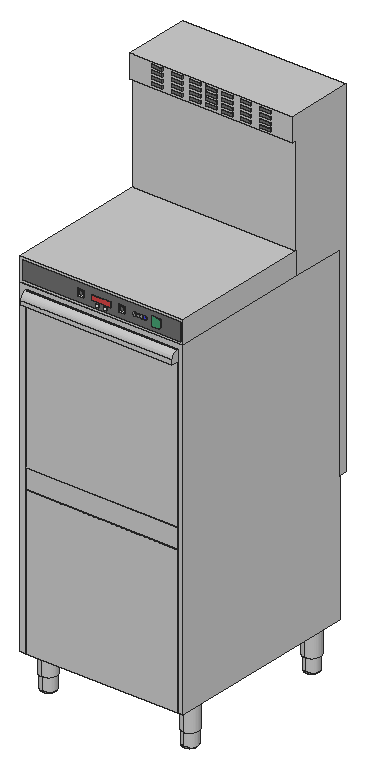
Revit family "QF_COMENDA_601682 AA_601682DDPS AA_CAT", category Attrezzature speciali, Revit 2021
Family settings
  Quota connettore circolare = Usa diametro
  Tipo di parte = Normale
  Numero OmniClass = 23.40.40.14
  Titolo OmniClass = Food Service Equipment
  Basato su piano di lavoro = No
  Sempre verticale = Sì
  Taglio con vuoti quando caricato = No
  Condiviso = No
  Punto di calcolo locali = No
Parameters (values of type "601690DDPS/AA")
  URL catalogo = "https://comenda.eu/wp-content/uploads/2024/02/Scheda-tecnica_PFS90-R_13.04.24_ENG.pdf"
  URL = "www.comenda.eu"
  Tensione = 400 V
  Temperatura raccomandata per acqua calda = 50 °C
  Show Logo [instance] = yes
  Show Clearance [instance] = yes
  Protezione contro le sovracorrenti = 16 A
  Prospetto di default = 0 mm
  Profondità = 742 mm
  Pressione minima acqua calda = 2000.0 Pa
  Potenza elettrica = 7500 W
  Peso netto = 0.00 kg
  Numero dei poli = 3
  Modello = "PFS90 R+ CRC"
  Produttore = "COMENDA"
  Lunghezza = 620 mm
  Frequenza = 50 Hz
  Fase = 3
  Diametro raccordo acqua calda = 0.75197"
  Diametro dello scarico diretto di acqua = 1.37402"
  Descrizione = "MULTIPURPOSE WASHER 500X600 MM RACK SIZE WITH DRAIN PUMP, DETERGENT DOSING PUMP AND CRC"
  Corrente di funzionamento normale = 11.5 A
  Assembly Code = ""
  Altezza dello scarico diretto acqua da pavimento finito = 225 mm
  Altezza da terra raccordo acqua calda = 225 mm
  Altezza allacciamento elettrico da pavimento finito = 360 mm
  Altezza = 1960 mm
Types (3, lengths in mm): name | URL catalogo | Modello | Descrizione
  601690/AA | "" | "PFS90 R CRC" | "MULTIPURPOSE WASHER 500X600 MM RACK SIZE WITH CRC"
  601690DDPS/AA | "https://comenda.eu/wp-content/uploads/2024/02/Scheda-tecnica_PFS90-R_13.04.24_ENG.pdf" | "PFS90 R+ CRC" | "MULTIPURPOSE WASHER 500X600 MM RACK SIZE WITH DRAIN PUMP, DETERGENT DOSING PUMP AND CRC"
  601690DD/AA | "https://comenda.eu/wp-content/uploads/2024/02/Scheda-tecnica_PFS90-R-DD_13.04.24_ENG.pdf" | "PFS90 R DD CRC" | "MULTIPURPOSE WASHER 500X600 MM RACK SIZE WITH DRAIN PUMP, DETERGENT DOSING PUMP AND CRC"
Reference planes
  plane 1 "Back": y = 0
  plane 2: z = 0
  plane 3 "Left": x = 0
  plane 4 "Right": x = 620
  plane 5 "Front": y = -742
  plane 6 "Top": z = 1960
Forms (mm)
  Extrusion 1, solid
    sketch origin (0, 0, 146.56) x (1, 0, 0) y (0, 1, 0)
      loop
        line (5.879, -24.905) -> (5.879, -134.905) -> (75.879, -134.905) -> (75.879, -24.905) -> (5.879, -24.905)
    from 0 to 3.44
  Revolve 2, solid
    sketch origin (40.911, 0, 0) x (0, 1, 0) y (0, 0, 1)
      loop
        line (-47.905, 56.56) -> (-47.905, 146.56) -> (-79.905, 146.56) -> (-79.905, 0) -> (-56.359, 0)
        arc (-56.359, 0) -> (-53.21, 1.305) -> (-51.905, 4.454) r 4.454
        line (-51.905, 4.454) -> (-51.905, 56.56) -> (-47.905, 56.56)
      axis (-79.905, 0) -> (-79.905, 146.56)
    angle from 0 to 360
  Revolve 3, solid
    sketch origin (579.309, 0, 0) x (0, 1, 0) y (0, 0, 1)
      loop
        line (-47.905, 56.56) -> (-47.905, 146.56) -> (-79.905, 146.56) -> (-79.905, 0) -> (-56.359, 0)
        arc (-56.359, 0) -> (-53.21, 1.305) -> (-51.905, 4.454) r 4.454
        line (-51.905, 4.454) -> (-51.905, 56.56) -> (-47.905, 56.56)
      axis (-79.905, 0) -> (-79.905, 146.56)
    angle from 0 to 360
  Revolve 4, solid
    sketch origin (40.911, -578.197, 0) x (0, 1, 0) y (0, 0, 1)
      loop
        line (-47.905, 56.56) -> (-47.905, 146.56) -> (-79.905, 146.56) -> (-79.905, 0) -> (-56.359, 0)
        arc (-56.359, 0) -> (-53.21, 1.305) -> (-51.905, 4.454) r 4.454
        line (-51.905, 4.454) -> (-51.905, 56.56) -> (-47.905, 56.56)
      axis (-79.905, 0) -> (-79.905, 146.56)
    angle from 0 to 360
  Revolve 5, solid
    sketch origin (579.309, -578.197, 0) x (0, 1, 0) y (0, 0, 1)
      loop
        line (-47.905, 56.56) -> (-47.905, 146.56) -> (-79.905, 146.56) -> (-79.905, 0) -> (-56.359, 0)
        arc (-56.359, 0) -> (-53.21, 1.305) -> (-51.905, 4.454) r 4.454
        line (-51.905, 4.454) -> (-51.905, 56.56) -> (-47.905, 56.56)
      axis (-79.905, 0) -> (-79.905, 146.56)
    angle from 0 to 360
  Extrusion 6, solid
    sketch origin (0, 0, 690) x (1, 0, 0) y (0, 1, 0)
      loop
        line (620, 0) -> (0, 0) -> (0, -742) -> (20, -742) -> (20, -717) -> (600, -717) -> (600, -742) -> (620, -742) -> (620, 0)
    from -540 to 699.618
  Extrusion 7, solid
    sketch origin (-15, 71.496, 710) x (1, 0, 0) y (0, 1, 0)
      loop
        line (35, -788.496) -> (35, -813.496) -> (615, -813.496) -> (615, -788.496) -> (35, -788.496)
    from 0 to 70
  Extrusion 8, solid
    sketch origin (-15, 71.496, 892.5) x (1, 0, 0) y (0, 1, 0)
      loop
        line (37.5, -788.496) -> (37.5, -813.496) -> (612.5, -813.496) -> (612.5, -788.496) -> (37.5, -788.496)
    from -110 to 494.618
  Extrusion 9, solid, visible <- "Show Clearance", detail levels coarse
    sketch origin (-15, 67.996, -485) x (0, 1, 0) y (0, 0, 1)
      loop
        arc (-809.996, 1872.118) -> (-1229.634, 1693.399) -> (-1392.871, 1267.5) r 584.134
        line (-1392.871, 1267.5) -> (-809.996, 1267.5) -> (-809.996, 1872.118)
    from 37.5 to 612.5
  Extrusion 10, solid
    sketch origin (620, 0, 146.56) x (-1, 0, 0) y (0, -1, 0)
      loop
        line (5.879, 24.905) -> (75.879, 24.905) -> (75.879, 134.905) -> (5.879, 134.905) -> (5.879, 24.905)
    from 0 to 3.44
  Extrusion 11, solid
    sketch origin (0, -738.007, 146.56) x (1, 0, 0) y (0, 1, 0)
      loop
        line (5.879, 24.905) -> (75.879, 24.905) -> (75.879, 134.905) -> (5.879, 134.905) -> (5.879, 24.905)
    from 0 to 3.44
  Extrusion 12, solid
    sketch origin (620, -738.007, 146.56) x (-1, 0, 0) y (0, -1, 0)
      loop
        line (5.879, -24.905) -> (5.879, -134.905) -> (75.879, -134.905) -> (75.879, -24.905) -> (5.879, -24.905)
    from 0 to 3.44
  Extrusion 13, solid
    sketch origin (0, 71.496, 1297.5) x (1, 0, 0) y (0, 1, 0)
      loop
        line (0, -276.496) -> (0, -813.496) -> (620, -813.496) -> (620, -276.496) -> (0, -276.496)
    from 112.118 to 197.5
  Extrusion 14, solid
    sketch origin (-15, 71.496, 147.5) x (1, 0, 0) y (0, 1, 0)
      loop
        line (35, -788.496) -> (35, -813.496) -> (615, -813.496) -> (615, -788.496) -> (35, -788.496)
    from 2.5 to 560
  Extrusion 15, solid
    sketch origin (0, 71.496, 1277.5) x (1, 0, 0) y (0, 1, 0)
      loop
        line (0, -71.496) -> (0, -813.496) -> (620, -813.496) -> (620, -71.496) -> (0, -71.496)
    from 112.118 to 132.118
  Extrusion 16, solid
    sketch origin (0, -25, -432.5) x (0, 1, 0) y (0, 0, 1)
      loop
        line (-717, 1779.618) -> (-717, 1819.598)
        arc (-717, 1819.598) -> (-734.028, 1811.938) -> (-741, 1794.618) r 25
        line (-741, 1794.618) -> (-741, 1779.618) -> (-717, 1779.618)
    from 22.5 to 597.5
  Extrusion 17, solid
    sketch origin (0, -742.5, -465) x (-1, 0, 0) y (0, 0, 1)
      loop
        line (-10, 1884.618) -> (-10, 1950) -> (-610, 1950) -> (-610, 1884.618) -> (-10, 1884.618)
    from 0 to 2
  Extrusion 18, solid
    sketch origin (0, -743, -465) x (-1, 0, 0) y (0, 0, 1)
      loop
        line (-275, 1927.309) -> (-345, 1927.309) -> (-345, 1907.309) -> (-275, 1907.309) -> (-275, 1927.309)
    from 0 to 2.5
  Extrusion 19, solid
    sketch origin (0, -743, -465) x (-1, 0, 0) y (0, 0, 1)
      loop
        line (-506.637, 1934.809) -> (-529.123, 1934.809)
        arc (-529.123, 1934.809) -> (-532.658, 1933.344) -> (-534.123, 1929.809) r 5
        line (-534.123, 1929.809) -> (-534.123, 1904.809)
        arc (-534.123, 1904.809) -> (-532.658, 1901.273) -> (-529.123, 1899.809) r 5
        line (-529.123, 1899.809) -> (-506.637, 1899.809)
        arc (-506.637, 1899.809) -> (-503.102, 1901.273) -> (-501.637, 1904.809) r 5
        line (-501.637, 1904.809) -> (-501.637, 1929.809)
        arc (-501.637, 1929.809) -> (-503.102, 1933.344) -> (-506.637, 1934.809) r 5
    from 0 to 2.5
  Extrusion 20, solid
    sketch origin (0, -743, -465) x (-1, 0, 0) y (0, 0, 1)
      loop
        circle (-436.637, 1917.309) r 6
      loop
        circle (-449.637, 1917.309) r 6
      loop
        circle (-462.637, 1917.309) r 6
    from 0 to 2.5
  Extrusion 21, solid
    sketch origin (0, -743, -465) x (-1, 0, 0) y (0, 0, 1)
      loop
        line (-376.339, 1929.809) -> (-399.321, 1929.809) -> (-399.321, 1904.809) -> (-376.339, 1904.809) -> (-376.339, 1929.809)
      loop
        line (-379.339, 1907.809) -> (-379.339, 1926.809) -> (-396.321, 1926.809) -> (-396.321, 1907.809) -> (-379.339, 1907.809)
    from 0 to 2.5
  Extrusion 22, solid
    sketch origin (0, -743, -465) x (-1, 0, 0) y (0, 0, 1)
      loop
        line (-290.254, 1899.82) -> (-300.254, 1899.82) -> (-300.254, 1889.82) -> (-290.254, 1889.82) -> (-290.254, 1899.82)
      loop
        line (-329.746, 1899.82) -> (-329.746, 1889.82) -> (-319.746, 1889.82) -> (-319.746, 1899.82) -> (-329.746, 1899.82)
    from 0 to 2.5
  Extrusion 23, solid
    sketch origin (620, -743, -465) x (1, 0, 0) y (0, 0, -1)
      loop
        line (-376.339, -1929.809) -> (-376.339, -1904.809) -> (-399.321, -1904.809) -> (-399.321, -1929.809) -> (-376.339, -1929.809)
      loop
        line (-379.339, -1907.809) -> (-396.321, -1907.809) -> (-396.321, -1926.809) -> (-379.339, -1926.809) -> (-379.339, -1907.809)
    from 0 to 2.5
  Extrusion 24, solid
    sketch origin (0, -743, -465) x (-1, 0, 0) y (0, 0, 1)
      loop
        circle (-475.637, 1917.309) r 6
    from 0 to 2.5
  Extrusion 25, solid
    sketch origin (37.5, 0, 1277.5) x (1, 0, 0) y (0, 0, -1)
      loop
        circle (382.5, 1052.5) r 17.5
    from 0 to 1
  Extrusion 26, solid
    sketch origin (37.5, 0, 1277.5) x (1, 0, 0) y (0, 0, -1)
      loop
        circle (162.5, 1052.5) r 17.5
    from 0 to 1
  Extrusion 27, solid
    sketch origin (37.5, 0, 1277.5) x (1, 0, 0) y (0, 0, -1)
      loop
        circle (382.5, 917.5) r 13
    from 0 to 51
  Extrusion 28, solid
    sketch origin (620, -717, 1297.5) x (0, -1, 0) y (0, 0, -1)
      loop
        line (-717, 657.5) -> (-746, 657.5) -> (-746, -662.5) -> (-497, -662.5) -> (-497, -572.5) -> (-512, -572.5) -> (-512, -112.118) -> (-717, -112.118) -> (-717, 657.5)
    from 0 to -620
  Extrusion 29, solid
    sketch origin (620, -220, 1960) x (0, 0, -1) y (1, 0, 0)
      loop
        line (10, -536) -> (20, -536) -> (20, -496) -> (10, -496) -> (10, -536)
      loop
        line (30, -536) -> (40, -536) -> (40, -496) -> (30, -496) -> (30, -536)
      loop
        line (50, -536) -> (60, -536) -> (60, -496) -> (50, -496) -> (50, -536)
      loop
        line (70, -536) -> (80, -536) -> (80, -496) -> (70, -496) -> (70, -536)
      loop
        line (10, -461) -> (20, -461) -> (20, -421) -> (10, -421) -> (10, -461)
      loop
        line (30, -461) -> (40, -461) -> (40, -421) -> (30, -421) -> (30, -461)
      loop
        line (50, -461) -> (60, -461) -> (60, -421) -> (50, -421) -> (50, -461)
      loop
        line (70, -461) -> (80, -461) -> (80, -421) -> (70, -421) -> (70, -461)
      loop
        line (10, -391) -> (20, -391) -> (20, -351) -> (10, -351) -> (10, -391)
      loop
        line (30, -391) -> (40, -391) -> (40, -351) -> (30, -351) -> (30, -391)
      loop
        line (50, -391) -> (60, -391) -> (60, -351) -> (50, -351) -> (50, -391)
      loop
        line (70, -391) -> (80, -391) -> (80, -351) -> (70, -351) -> (70, -391)
      loop
        line (10, -330) -> (20, -330) -> (20, -290) -> (10, -290) -> (10, -330)
      loop
        line (30, -330) -> (40, -330) -> (40, -290) -> (30, -290) -> (30, -330)
      loop
        line (50, -330) -> (60, -330) -> (60, -290) -> (50, -290) -> (50, -330)
      loop
        line (70, -330) -> (80, -330) -> (80, -290) -> (70, -290) -> (70, -330)
      loop
        line (10, -269) -> (20, -269) -> (20, -229) -> (10, -229) -> (10, -269)
      loop
        line (30, -269) -> (40, -269) -> (40, -229) -> (30, -229) -> (30, -269)
      loop
        line (50, -269) -> (60, -269) -> (60, -229) -> (50, -229) -> (50, -269)
      loop
        line (70, -269) -> (80, -269) -> (80, -229) -> (70, -229) -> (70, -269)
      loop
        line (10, -199) -> (20, -199) -> (20, -159) -> (10, -159) -> (10, -199)
      loop
        line (30, -199) -> (40, -199) -> (40, -159) -> (30, -159) -> (30, -199)
      loop
        line (50, -199) -> (60, -199) -> (60, -159) -> (50, -159) -> (50, -199)
      loop
        line (70, -199) -> (80, -199) -> (80, -159) -> (70, -159) -> (70, -199)
      loop
        line (10, -124) -> (20, -124) -> (20, -84) -> (10, -84) -> (10, -124)
      loop
        line (30, -124) -> (40, -124) -> (40, -84) -> (30, -84) -> (30, -124)
      loop
        line (50, -124) -> (60, -124) -> (60, -84) -> (50, -84) -> (50, -124)
      loop
        line (70, -124) -> (80, -124) -> (80, -84) -> (70, -84) -> (70, -124)
    from 0 to 2
Cuts and joins
  joined: Extrusion 6, Extrusion 15
Lines and regions (mm)
  symbolic lines, style "200-EquipBorder-2D"
    curve 1: line (0, 0, 0) -> (620, 0, 0)
    curve 2: line (620, 0, 0) -> (620, -742, 0)
    curve 3: line (597.5, -742, 0) -> (597.5, -766, 0)
    curve 4: line (597.5, -766, 0) -> (22.5, -766, 0)
    curve 5: line (22.5, -766, 0) -> (22.5, -742, 0)
    curve 6: line (620, -742, 0) -> (0, -742, 0)
    curve 7: line (0, -742, 0) -> (0, 0, 0)
  symbolic lines, style "QF_Door-Drawer Clearances", visible <- "Show Clearance"
    curve 8: line (22.5, -766, 0) -> (22.5, -1324.875, 0)
    curve 9: line (22.5, -1324.875, 0) -> (597.5, -1324.875, 0)
    curve 10: line (597.5, -1324.875, 0) -> (597.5, -766, 0)
Dimensions and locks
  "Lunghezza": plane 3 "Left" to plane 4 "Right"
  "Profondità": plane 5 "Front" to plane 1 "Back"
  plane 6 "Top" to level = 1960 mm
  "Altezza": plane 6 "Top" to level
  cut or joined group of Extrusion 6, Extrusion 15 to Extrusion 25 sketch curve = 200 mm
  cut or joined group of Extrusion 6, Extrusion 15 to Extrusion 25 sketch curve = 75 mm
  cut or joined group of Extrusion 6, Extrusion 15 to Extrusion 26 sketch curve = 75 mm
  cut or joined group of Extrusion 6, Extrusion 15 to Extrusion 26 sketch curve = 200 mm
  cut or joined group of Extrusion 6, Extrusion 15 to Extrusion 27 sketch curve = 200 mm
  cut or joined group of Extrusion 6, Extrusion 15 to Extrusion 27 sketch curve = 210 mm
  locked: cut or joined group of Extrusion 6, Extrusion 15 to Extrusion 28 sketch curve at 771
  locked: Extrusion 28 sketch curve to Extrusion 28 sketch curve at 234
  locked: Extrusion 28 sketch curve to Extrusion 28 sketch curve at 249
  locked: Extrusion 28 sketch curve to Extrusion 13 at 465
  locked: Extrusion 28 sketch curve to Extrusion 28 sketch curve at 1320
  aligned and locked: level to plane 2
  aligned and locked: cut or joined group of Extrusion 6, Extrusion 15 to Extrusion 28 sketch curve
  aligned and locked: Extrusion 13 to Extrusion 28
  aligned and locked: Extrusion 28 to Extrusion 13
  aligned and locked: Extrusion 28 sketch curve to cut or joined group of Extrusion 6, Extrusion 15
Automatic sketch dimensions
  curve 6 to plane 3 "Left" = 0 mm
  curve 5 to plane 5 "Front" = 0 mm
  plane 1 "Back" to curve 2 = 0 mm
  curve 2 to plane 4 "Right" = 0 mm
  plane 3 "Left" to curve 9 = 22.5 mm
  plane 4 "Right" to curve 3 = 22.5 mm
  curve 10 to curve 3 = 24 mm
  curve 8 to curve 4 = 558.875 mm
  plane 3 "Left" to Extrusion 1 sketch curve = 5.879 mm
  Extrusion 1 sketch curve to Extrusion 1 sketch curve = 70 mm
  plane 1 "Back" to Extrusion 1 sketch curve = 134.905 mm
  plane 1 "Back" to Extrusion 1 sketch curve = 24.905 mm
  Revolve 2 sketch curve to level = 0 mm
  plane 1 "Back" to Revolve 2 sketch curve = 79.905 mm
  Revolve 2 sketch curve to Revolve 2 sketch curve = 23.546 mm
  plane 1 "Back" to Revolve 2 sketch curve = 51.905 mm
  Revolve 2 sketch curve to Revolve 2 sketch curve = 4 mm
  Revolve 2 sketch curve to Revolve 2 sketch curve = 52.106 mm
  Revolve 2 sketch curve to Revolve 2 sketch curve = 90 mm
  Revolve 2 sketch curve to Revolve 2 sketch curve = 0 mm  (x2)
  Revolve 2 sketch curve to Revolve 2 sketch curve = 10 mm
  Revolve 3 sketch curve to level = 0 mm
  plane 1 "Back" to Revolve 3 sketch curve = 79.905 mm
  Revolve 3 sketch curve to Revolve 3 sketch curve = 23.546 mm
  plane 1 "Back" to Revolve 3 sketch curve = 51.905 mm
  Revolve 3 sketch curve to Revolve 3 sketch curve = 4 mm
  Revolve 3 sketch curve to Revolve 3 sketch curve = 52.106 mm
  Revolve 3 sketch curve to Revolve 3 sketch curve = 90 mm
  Revolve 3 sketch curve to Revolve 3 sketch curve = 0 mm  (x2)
  Revolve 3 sketch curve to Revolve 3 sketch curve = 10 mm
  Revolve 4 sketch curve to level = 0 mm
  plane 5 "Front" to Revolve 4 sketch curve = 83.898 mm
  Revolve 4 sketch curve to Revolve 4 sketch curve = 23.546 mm
  Revolve 4 sketch curve to Revolve 4 sketch curve = 4.454 mm
  Revolve 4 sketch curve to Revolve 4 sketch curve = 4 mm
  Revolve 4 sketch curve to Revolve 4 sketch curve = 52.106 mm
  Revolve 4 sketch curve to Revolve 4 sketch curve = 90 mm
  Revolve 4 sketch curve to Revolve 4 sketch curve = 0 mm  (x2)
  Revolve 4 sketch curve to Revolve 4 sketch curve = 10 mm
  Revolve 5 sketch curve to level = 0 mm
  plane 5 "Front" to Revolve 5 sketch curve = 83.898 mm
  Revolve 5 sketch curve to Revolve 5 sketch curve = 23.546 mm
  Revolve 5 sketch curve to Revolve 5 sketch curve = 4.454 mm
  Revolve 5 sketch curve to Revolve 5 sketch curve = 4 mm
  Revolve 5 sketch curve to Revolve 5 sketch curve = 52.106 mm
  Revolve 5 sketch curve to Revolve 5 sketch curve = 90 mm
  Revolve 5 sketch curve to Revolve 5 sketch curve = 0 mm  (x2)
  Revolve 5 sketch curve to Revolve 5 sketch curve = 10 mm
  plane 1 "Back" to Extrusion 6 sketch curve = 0 mm
  Extrusion 6 sketch curve to plane 3 "Left" = 0 mm
  Extrusion 6 sketch curve to plane 5 "Front" = 0 mm  (x2)
  Extrusion 6 sketch curve to plane 4 "Right" = 0 mm
  plane 3 "Left" to Extrusion 6 sketch curve = 20 mm
  plane 4 "Right" to Extrusion 6 sketch curve = 20 mm
  Extrusion 6 sketch curve to Extrusion 6 sketch curve = 25 mm
  Extrusion 7 sketch curve to plane 5 "Front" = 0 mm
  plane 3 "Left" to Extrusion 7 sketch curve = 20 mm
  plane 4 "Right" to Extrusion 7 sketch curve = 20 mm
  plane 5 "Front" to Extrusion 7 sketch curve = 25 mm
  Extrusion 8 sketch curve to plane 5 "Front" = 0 mm
  plane 3 "Left" to Extrusion 8 sketch curve = 22.5 mm
  plane 4 "Right" to Extrusion 8 sketch curve = 22.5 mm
  plane 5 "Front" to Extrusion 8 sketch curve = 25 mm
  Extrusion 9 sketch curve to plane 5 "Front" = 0 mm
  Extrusion 9 sketch curve to Extrusion 9 sketch curve = 582.875 mm
  plane 5 "Front" to Extrusion 9 sketch curve = 0.901 mm
  Extrusion 9 sketch curve to plane 6 "Top" = 1177.5 mm
  Extrusion 9 sketch curve to Extrusion 9 sketch curve = 20.484 mm
  plane 4 "Right" to Extrusion 10 sketch curve = 5.879 mm
  Extrusion 10 sketch curve to Extrusion 10 sketch curve = 70 mm
  plane 1 "Back" to Extrusion 10 sketch curve = 24.905 mm
  Extrusion 10 sketch curve to Extrusion 10 sketch curve = 110 mm
  plane 3 "Left" to Extrusion 11 sketch curve = 5.879 mm
  Extrusion 11 sketch curve to Extrusion 11 sketch curve = 70 mm
  plane 5 "Front" to Extrusion 11 sketch curve = 28.898 mm
  Extrusion 11 sketch curve to Extrusion 11 sketch curve = 110 mm
  plane 4 "Right" to Extrusion 12 sketch curve = 5.879 mm
  Extrusion 12 sketch curve to Extrusion 12 sketch curve = 70 mm
  plane 5 "Front" to Extrusion 12 sketch curve = 138.898 mm
  plane 5 "Front" to Extrusion 12 sketch curve = 28.898 mm
  Extrusion 13 sketch curve to plane 3 "Left" = 0 mm
  Extrusion 13 sketch curve to plane 4 "Right" = 0 mm
  Extrusion 13 sketch curve to plane 5 "Front" = 0 mm
  plane 1 "Back" to Extrusion 13 sketch curve = 205 mm
  Extrusion 14 sketch curve to plane 5 "Front" = 0 mm
  plane 3 "Left" to Extrusion 14 sketch curve = 20 mm
  plane 4 "Right" to Extrusion 14 sketch curve = 20 mm
  plane 5 "Front" to Extrusion 14 sketch curve = 25 mm
  Extrusion 15 sketch curve to plane 3 "Left" = 0 mm
  Extrusion 15 sketch curve to plane 4 "Right" = 0 mm
  Extrusion 15 sketch curve to plane 5 "Front" = 0 mm
  plane 1 "Back" to Extrusion 15 sketch curve = 0 mm
  plane 5 "Front" to Extrusion 16 sketch curve = 1 mm
  Extrusion 16 sketch curve to Extrusion 16 sketch curve = 25 mm
  Extrusion 16 sketch curve to plane 6 "Top" = 612.882 mm
  Extrusion 16 sketch curve to Extrusion 16 sketch curve = 15 mm
  plane 4 "Right" to Extrusion 17 sketch curve = 10 mm
  plane 3 "Left" to Extrusion 17 sketch curve = 10 mm
  Extrusion 17 sketch curve to plane 6 "Top" = 540.382 mm
  Extrusion 17 sketch curve to plane 6 "Top" = 475 mm
  Extrusion 18 sketch curve to plane 6 "Top" = 497.691 mm
  plane 4 "Right" to Extrusion 18 sketch curve = 275 mm
  Extrusion 18 sketch curve to Extrusion 18 sketch curve = 70 mm
  Extrusion 18 sketch curve to Extrusion 18 sketch curve = 20 mm
  Extrusion 19 sketch curve to plane 6 "Top" = 520.191 mm
  plane 4 "Right" to Extrusion 19 sketch curve = 85.877 mm
  Extrusion 19 sketch curve to Extrusion 19 sketch curve = 5 mm  (x3)
  Extrusion 19 sketch curve to Extrusion 19 sketch curve = 22.485 mm  (x2)
  Extrusion 19 sketch curve to Extrusion 19 sketch curve = 25 mm
  Extrusion 20 sketch curve to plane 6 "Top" = 507.691 mm
  plane 4 "Right" to Extrusion 20 sketch curve = 157.363 mm
  Extrusion 20 sketch curve to Extrusion 20 sketch curve = 13 mm  (x2)
  Extrusion 20 sketch curve to Extrusion 20 sketch curve = 0 mm  (x2)
  Extrusion 21 sketch curve to plane 6 "Top" = 495.191 mm
  plane 4 "Right" to Extrusion 21 sketch curve = 220.679 mm
  Extrusion 21 sketch curve to Extrusion 21 sketch curve = 3 mm  (x4)
  Extrusion 21 sketch curve to Extrusion 21 sketch curve = 16.981 mm
  Extrusion 21 sketch curve to Extrusion 21 sketch curve = 19 mm
  Extrusion 22 sketch curve to plane 6 "Top" = 535.18 mm
  plane 4 "Right" to Extrusion 22 sketch curve = 290.254 mm
  Extrusion 22 sketch curve to Extrusion 22 sketch curve = 10 mm  (x4)
  Extrusion 22 sketch curve to Extrusion 22 sketch curve = 19.492 mm
  Extrusion 22 sketch curve to Extrusion 22 sketch curve = 0 mm
  Extrusion 23 sketch curve to plane 6 "Top" = 495.191 mm
  plane 3 "Left" to Extrusion 23 sketch curve = 220.679 mm
  Extrusion 23 sketch curve to Extrusion 23 sketch curve = 3 mm  (x4)
  Extrusion 23 sketch curve to Extrusion 23 sketch curve = 16.981 mm
  Extrusion 23 sketch curve to Extrusion 23 sketch curve = 19 mm
  Extrusion 24 sketch curve to plane 6 "Top" = 507.691 mm
  plane 4 "Right" to Extrusion 24 sketch curve = 144.363 mm
  Extrusion 28 sketch curve to Extrusion 28 sketch curve = 90 mm
  Extrusion 29 sketch curve to Extrusion 28 = 80 mm  (x2)
  Extrusion 29 sketch curve to Extrusion 29 sketch curve = 0 mm  (x45)
  Extrusion 29 sketch curve to Extrusion 29 sketch curve = 10 mm  (x49)
  Extrusion 28 to Extrusion 29 sketch curve = 84 mm
  Extrusion 29 sketch curve to Extrusion 29 sketch curve = 40 mm  (x7)
  Extrusion 29 sketch curve to Extrusion 29 sketch curve = 35 mm  (x3)
  Extrusion 29 sketch curve to Extrusion 29 sketch curve = 30 mm  (x3)
  Extrusion 29 sketch curve to Extrusion 29 sketch curve = 21 mm  (x2)
  radius of Extrusion 20 sketch curve = 6 mm  (x3)
  radius of Extrusion 24 sketch curve = 6 mm
  radius of Extrusion 25 sketch curve = 17.5 mm
  radius of Extrusion 26 sketch curve = 17.5 mm
  radius of Extrusion 27 sketch curve = 13 mm
Connectors
  electrical at (420, 51, 360), driven by "Numero dei poli", driven by "Tensione", driven by "Potenza elettrica"
    settings: on Extrusion 27, index 1, voltage 400 V, apparent load 7500 VA, apparent load phase1 0 VA, apparent load phase2 0 VA, apparent load phase3 0 VA, power factor 1, load classification "Altro", number of poles 3, system type 30, power factor state 1, is connector primary yes, connector utility no, sub classification motor no, connector description "QF_Electrical Connection"
  piping at (420, 1, 225), diameter 19.1, driven by "Diametro raccordo acqua calda"
    settings: on Extrusion 25, index 2, connector inside diameter 24", connector length 0 mm, flow factor 0, pipe flow 0.0 L/s, pressure drop 0.0 Pa, fitting loss kfactor 0, connector angle 0.00°, fixture units 0, engagement length 0 mm, angle of deflection 0.00°, flow configuration 0, flow direction 1, fitting loss method 0, system type 19, joint type 0, gender type 0, connector reference index -1, connector utility 0, adjustable connector no, is connector primary yes, connector description "QF_Water Inlet"
  piping at (200, 0, 225), diameter 34.9, driven by "Diametro dello scarico diretto di acqua"
    settings: on Extrusion 26, index 3, connector inside diameter 24", connector length 0 mm, flow factor 0, pipe flow 0.0 L/s, pressure drop 0.0 Pa, fitting loss kfactor 0, connector angle 0.00°, fixture units 0, engagement length 0 mm, angle of deflection 0.00°, flow configuration 0, flow direction 2, fitting loss method 0, system type 16, joint type 0, gender type 0, connector reference index -1, connector utility 0, adjustable connector no, is connector primary no, connector description "QF_Drain Point"
